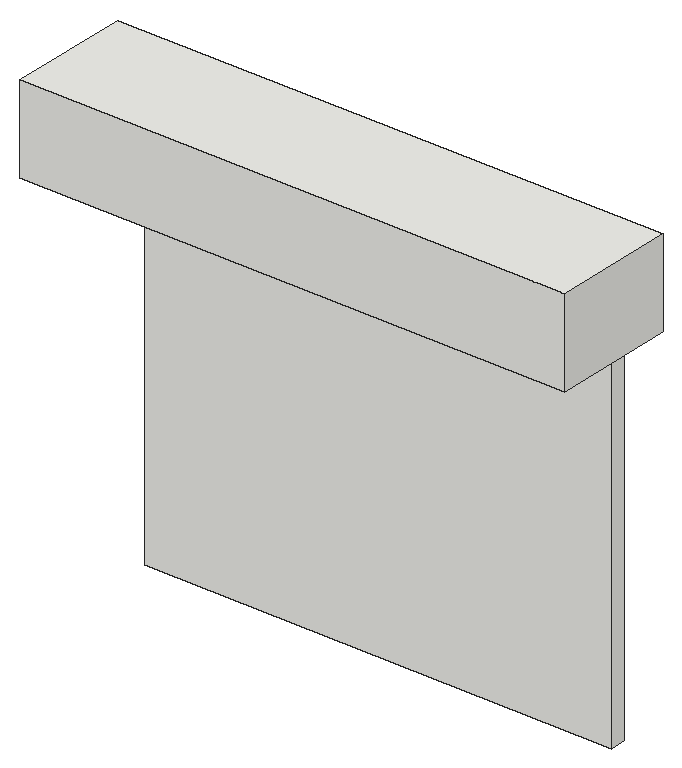
Revit family
Parameters (values of type "2435 x 1981mm")
  Thickness = 76.00 mm
  Height = 1981.00 mm
  Wall Closure = (empty or 0)
  Width = 2435.00 mm
  문 재료 = 금속 - 페인트 마감 - 아이보리색, 무광
Reference planes
  plane 1: y = 0
  plane 2: z = 0
  plane 3: x = 0
  plane 4: x = -1217.5
  plane 5: x = 1217.5
  plane 6: z = 1981
  plane 7: z = 2438.2
  plane 8: x = -1420.7
  plane 9: x = 1420.7
Forms (mm)
  Extrusion 1, solid, material "금속 - 페인트 마감 - 아이보리색, 무광" <- "문 재료"
    sketch origin (0, 0, 0) x (1, 0, 0) y (0, 1, 0)
      loop
        line (-1217.5, -76.2) -> (-1217.5, -152.2) -> (1217.5, -152.2) -> (1217.5, -76.2) -> (-1217.5, -76.2)
    from 0 to 1981
  Extrusion 2, solid, material "금속 - 페인트 마감 - 아이보리색, 무광"
    sketch origin (-1217.5, -152.2, 1981) x (0, 0, -1) y (1, 0, 0)
      loop
        line (-457.2, -203.2) -> (0, -203.2) -> (0, 2638.2) -> (-457.2, 2638.2) -> (-457.2, -203.2)
    from -76 to 558.8
Lines and regions (mm)
  Opening 1
    outline origin (-3302, -76.2, 0) x (1, 0, 0) y (0, 0, 1)
      loop
        line (2084.5, 0) -> (4519.5, 0) -> (4519.5, 1981) -> (2084.5, 1981) -> (2084.5, 0)
  model lines, style "DoorsPanelProjection"
    curve 1: line (1217.5, -76.2, 0) -> (-1217.5, -76.2, 0)
    curve 2: line (1217.5, -76.2, 1839.5) -> (-1217.5, -76.2, 1839.5)
    curve 3: line (-1217.5, -76.2, 1698) -> (1217.5, -76.2, 1698)
    curve 4: line (-1217.5, -76.2, 1556.5) -> (1217.5, -76.2, 1556.5)
    curve 5: line (-1217.5, -76.2, 1415) -> (1217.5, -76.2, 1415)
    curve 6: line (-1217.5, -76.2, 1273.5) -> (1217.5, -76.2, 1273.5)
    curve 7: line (-1217.5, -76.2, 1132) -> (1217.5, -76.2, 1132)
    curve 8: line (-1217.5, -76.2, 990.5) -> (1217.5, -76.2, 990.5)
    curve 9: line (-1217.5, -76.2, 849) -> (1217.5, -76.2, 849)
    curve 10: line (-1217.5, -76.2, 707.5) -> (1217.5, -76.2, 707.5)
    curve 11: line (-1217.5, -76.2, 566) -> (1217.5, -76.2, 566)
    curve 12: line (-1217.5, -76.2, 424.5) -> (1217.5, -76.2, 424.5)
    curve 13: line (-1217.5, -76.2, 283) -> (1217.5, -76.2, 283)
    curve 14: line (-1217.5, -76.2, 141.5) -> (1217.5, -76.2, 141.5)
  symbolic lines, style "입면도 스윙"
    curve 15: line (-1420.7, -76.2, 0) -> (1420.7, -76.2, 0)
    curve 16: line (-1420.7, -76.2, 0) -> (-1420.7, -711, 0)
    curve 17: line (-1420.7, -711, 0) -> (1420.7, -711, 0)
    curve 18: line (1420.7, -76.2, 0) -> (1420.7, -711, 0)
Text (mm)
  text "외부" at (-1476.603, 1269.773, 0), in view "바닥 선"
  text "외부" at (0, 888.654, 3134.195), in view "오른쪽"
Dimensions and locks
  equal spacing: plane 4, plane 3, plane 5
  "Width": plane 4 to plane 5
  "Height": plane 2 to plane 6
  "Thickness": Extrusion 1 sketch curve to Extrusion 1 sketch curve
  locked: plane 8 to plane 4 at 203.2
  locked: plane 5 to plane 9 at 203.2
  locked: plane 7 to plane 6 at 457.2
  equal spacing: host wall, curve 14, curve 13, curve 12, curve 11, curve 10, curve 9, curve 8, curve 7, curve 6, curve 5, curve 4, curve 3, curve 2, plane 6
  aligned and locked: plane 4 to Opening 1 sketch curve
  aligned and locked: plane 6 to Opening 1 sketch curve  (x2)
  aligned and locked: Opening 1 sketch curve to plane 5
  aligned and locked: Opening 1 sketch curve to level
  aligned and locked: host wall to Extrusion 1 sketch curve
  aligned and locked: plane 5 to curve 1
  aligned and locked: plane 4 to curve 1
  aligned and locked: Extrusion 1 to level
  aligned and locked: Extrusion 1 to host wall
  aligned and locked: plane 8 to Extrusion 2 sketch curve
  aligned and locked: plane 7 to Extrusion 2 sketch curve
  aligned and locked: plane 6 to Extrusion 2 sketch curve
  aligned and locked: plane 9 to Extrusion 2 sketch curve
  aligned and locked: Extrusion 2 to Extrusion 1
  aligned and locked: Extrusion 1 to curve 2
  aligned and locked: curve 2 to Extrusion 1
  aligned and locked: plane 4 to curve 3
  aligned and locked: plane 5 to curve 3
  aligned and locked: plane 4 to curve 4
  aligned and locked: Extrusion 1 to curve 4
  aligned and locked: curve 5 to Extrusion 1
  aligned and locked: Extrusion 1 to curve 5
  aligned and locked: curve 6 to Extrusion 1
  aligned and locked: Extrusion 1 to curve 6
  aligned and locked: plane 4 to curve 7
  aligned and locked: Extrusion 1 to curve 7
  aligned and locked: plane 4 to curve 8
  aligned and locked: Extrusion 1 to curve 8
  aligned and locked: plane 4 to curve 9
  aligned and locked: plane 5 to curve 9
  aligned and locked: plane 4 to curve 10
  aligned and locked: Extrusion 1 to curve 10
  aligned and locked: curve 11 to Extrusion 1
  aligned and locked: Extrusion 1 to curve 11
  aligned and locked: curve 12 to Extrusion 1
  aligned and locked: Extrusion 1 to curve 12
  aligned and locked: plane 4 to curve 13
  aligned and locked: plane 5 to curve 13
  aligned and locked: plane 4 to curve 14
  aligned and locked: plane 5 to curve 14
  aligned and locked: curve 15 to Extrusion 2  (x2)
  aligned and locked: curve 18 to Extrusion 2  (x2)
Automatic sketch dimensions
  Extrusion 1 sketch curve to plane 4 = 0.00 mm
  Extrusion 1 sketch curve to plane 5 = 0.00 mm
  curve 1 to level = 0.00 mm
